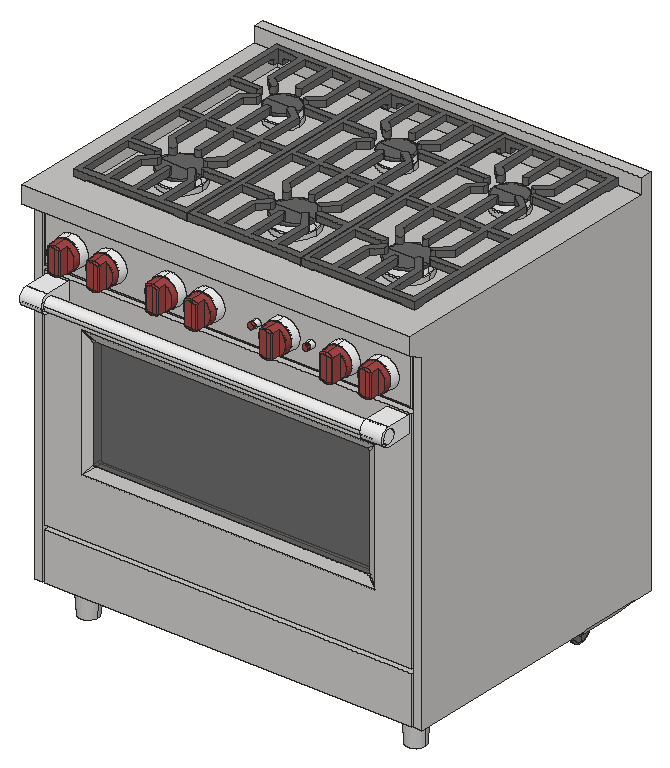
Revit family "M_Extensão-900 mm", category Equipamento especial, Revit 2019
Family settings
  Cota do conector redondo = Utilizar diâmetro
  Tipo de parte = Normal
  Número OmniClass = 23.40.40.14
  Título OmniClass = Food Service Equipment
  Com base no plano de trabalho = Não
  Sempre na vertical = Sim
  Corte com vazios quando carregada = Não
  Compartilhado = Não
  Ponto de cálculo do ambiente = Não
Parameters (values of type "Queimadores")
  Largura = 900 mm
  Deslocamento de parede = 0 mm
  Voltagem = 120 V
  Type Comments = ""
  Acabamento da moldura = Eletrodoméstico – Cromado
  Mostrar legenda = yes
  Consumo de energia = 500 VA
  Legenda = "Faixa"
  Botão = Eletrodoméstico – Plástico – Vermelho
  Altura = 950 mm
  Chapa = Eletrodoméstico – Aço inoxidável – Escovado
  Largura da grelha = (Largura - 108 mm) / 3  # 264 mm
  Profundidade da grelha = Linear - 109.438 mm  # 590.562 mm
  Vidro = Eletrodoméstico – Vidro do forno
  Descrição = "Faixa"
  Linear = 700 mm
  Grelha central = M_Superfície do fogão : M_Queimadores
  Queimadores centrais = yes
  Queimador = Eletrodoméstico – Tampa do queimador
  Código de montagem = "E1090320"
  Acabamento do eletrodoméstico = Eletrodoméstico – Aço inoxidável – Semipolido
  Amperagem = Consumo de energia / Voltagem  # 4.16667 A
Types (3, lengths in mm): name | Profundidade da grelha | Linear | Grelha central | Queimadores centrais
  Queimadores | 590.562 | 700 | M_Superfície do fogão : M_Queimadores | yes
  Chapa | 590.55 | 699.988 | M_Superfície do fogão : M_Chapa | no
  Grelhador | 590.562 | 700 | M_Superfície do fogão : M_Grelhador | no
Reference planes
  plane 1 "Parte posterior": y = 0
  plane 2: z = 0
  plane 3 "Centro (Esquerda/Direita)": x = 0
  plane 4 "Esquerda": x = -450
  plane 5 "Direita": x = 450
  plane 6: y = 0
  plane 7 "Aresta": y = -700
  plane 8 "Traseira da porta": y = -616
  plane 9 "Superior": z = 950
  plane 10 "Unidade B.O.": z = 80
  plane 11 "Queimador": z = 915
  plane 12: z = 200
  plane 13 "Puxador": z = 706.994
  plane 14 "Botões": z = 794.725
  plane 15 "Face da porta": y = -664
  plane 16: y = -634
  plane 17: z = 58
  plane 18: z = 28
  plane 19 "Rodas": y = -120
  plane 20: z = 25.4
  plane 21: x = 394.438
  plane 22 "3": x = -397.612
  plane 23: x = 236.028
  plane 24: x = -239.202
  plane 25: x = -450
  plane 26: x = -80.792
  plane 27: x = 77.618
  plane 28: x = -361.1
  plane 29: x = -271.1
  plane 30: x = 361.1
  plane 31: x = 271.1
  plane 32: x = 146.334
  plane 33: z = 883.06
  plane 34: x = -450
  plane 35: x = 0
  plane 36: y = -954
  plane 37: x = 10.16
  plane 38: x = 30.48
  plane 39: x = 283.369
  plane 40 "1": x = -133.596
  plane 41: x = 102.413
  plane 42 "2": x = 130.421
  plane 43: x = -481.75
  plane 44: x = 193.675
  plane 45: x = -43.902
  plane 46: x = 40.727
  plane 47: x = 66.921
  plane 48: x = 193.921
Forms (mm)
  Extrusion 1, void
    sketch origin (0, 0, 950) x (-1, 0, 0) y (0, -1, 0)
      loop
        line (397.612, 25.4) -> (397.612, 616) -> (-394.438, 616) -> (-394.438, 25.4) -> (397.612, 25.4)
    from 0 to -66.94
  Extrusion 2, solid, material "Eletrodoméstico – Aço inoxidável – Semipolido" <- "Acabamento do eletrodoméstico"
    sketch origin (0, 0, 0) x (0, 1, 0) y (0, 0, 1)
      loop
        line (-25.4, 950) -> (-25.4, 915) -> (-700, 915) -> (-700, 875) -> (-664, 855) -> (-664, 80) -> (0, 80) -> (0, 950) -> (-25.4, 950)
    from -450 to 450
  Extrusion 3, void
    sketch origin (0, -664, 0) x (0, 0, 1) y (-1, 0, 0)
      loop
        line (855, 430) -> (80, 430) -> (80, -430) -> (855, -430) -> (855, 430)
    from -48 to 0
  Extrusion 4, solid, material "Eletrodoméstico – Aço inoxidável – Semipolido" <- "Acabamento do eletrodoméstico"
    sketch origin (0, 0, 0) x (0, 1, 0) y (0, 0, 1)
      loop
        line (-634, 190) -> (-664, 190) -> (-664, 80) -> (-634, 80) -> (-634, 190)
      loop
        line (-616, 855) -> (-664, 855) -> (-664, 741) -> (-616, 741) -> (-616, 855)
      loop
        line (-634, 731) -> (-664, 731) -> (-664, 200) -> (-634, 200) -> (-634, 731)
    from -426.783 to 426.783
  Extrusion 5, void
    sketch origin (0, -664, 0) x (0, 0, 1) y (-1, 0, 0)
      loop
        arc (615.994, 315.856) -> (614.599, 319.224) -> (611.231, 320.619) r 4.763
        line (611.231, 320.619) -> (359.762, 320.619)
        arc (359.762, 320.619) -> (356.395, 319.224) -> (355, 315.856) r 4.763
        line (355, 315.856) -> (355, -315.738)
        arc (355, -315.738) -> (356.395, -319.105) -> (359.762, -320.5) r 4.763
        line (359.762, -320.5) -> (611.231, -320.5)
        arc (611.231, -320.5) -> (614.599, -319.105) -> (615.994, -315.738) r 4.763
        line (615.994, -315.738) -> (615.994, 315.856)
    from -48 to -10
  Blend 6, void
    base sketch origin (0, -664, 0) x (0, 0, 1) y (-1, 0, 0)
      loop
        line (635.994, 340.463) -> (335, 340.463) -> (335, -340.5) -> (635.994, -340.5) -> (635.994, 340.463)
    top sketch origin (0, -664, 0) x (0, 0, 1) y (-1, 0, 0)
      loop
        line (615.994, -315.738) -> (615.994, 315.856)
        arc (615.994, 315.856) -> (614.599, 319.224) -> (611.231, 320.619) r 4.763
        line (611.231, 320.619) -> (359.762, 320.619)
        arc (359.762, 320.619) -> (356.395, 319.224) -> (355, 315.856) r 4.763
        line (355, 315.856) -> (355, -315.738)
        arc (355, -315.738) -> (356.395, -319.105) -> (359.762, -320.5) r 4.763
        line (359.762, -320.5) -> (611.231, -320.5)
        arc (611.231, -320.5) -> (614.599, -319.105) -> (615.994, -315.738) r 4.763
    from 0 to -10
  Extrusion 7, solid, material "Eletrodoméstico – Vidro do forno" <- "Vidro"
    sketch origin (0, -664, 0) x (0, 0, 1) y (-1, 0, 0)
      loop
        line (615.994, -315.738) -> (615.994, 315.856)
        arc (615.994, 315.856) -> (614.599, 319.224) -> (611.231, 320.619) r 4.763
        line (611.231, 320.619) -> (359.762, 320.619)
        arc (359.762, 320.619) -> (356.395, 319.224) -> (355, 315.856) r 4.763
        line (355, 315.856) -> (355, -315.738)
        arc (355, -315.738) -> (356.395, -319.105) -> (359.762, -320.5) r 4.763
        line (359.762, -320.5) -> (611.231, -320.5)
        arc (611.231, -320.5) -> (614.599, -319.105) -> (615.994, -315.738) r 4.763
    from -10 to -22.721
  Blend 8, solid, material "Eletrodoméstico – Aço inoxidável – Semipolido" <- "Acabamento do eletrodoméstico"
    base sketch origin (0, 0, 80) x (-1, 0, 0) y (0, -1, 0)
      loop
        line (450, 50) -> (450, 190) -> (309.988, 190) -> (309.988, 50) -> (450, 50)
    top sketch origin (0, 0, 80) x (-1, 0, 0) y (0, -1, 0)
      loop
        line (429.988, 70) -> (429.988, 170) -> (329.988, 170) -> (329.988, 70) -> (429.988, 70)
    from 0 to -22
  Blend 9, solid, material "Eletrodoméstico – Aço inoxidável – Semipolido" <- "Acabamento do eletrodoméstico"
    base sketch origin (0, 0, 80) x (1, 0, 0) y (0, 1, 0)
      loop
        line (450, -50) -> (309.988, -50) -> (309.988, -190) -> (450, -190) -> (450, -50)
    top sketch origin (0, 0, 80) x (1, 0, 0) y (0, 1, 0)
      loop
        line (429.988, -70) -> (329.988, -70) -> (329.988, -170) -> (429.988, -170) -> (429.988, -70)
    from 0 to -22
  Blend 10, solid, material "Eletrodoméstico – Aço inoxidável – Semipolido" <- "Acabamento do eletrodoméstico"
    base sketch origin (0, 0, 80) x (-1, 0, 0) y (0, -1, 0)
      loop
        circle (-379.988, 594) r 25
    top sketch origin (0, 0, 80) x (-1, 0, 0) y (0, -1, 0)
      loop
        circle (-380.488, 594) r 21.928
    from 0 to -80
  Blend 11, solid, material "Eletrodoméstico – Aço inoxidável – Semipolido" <- "Acabamento do eletrodoméstico"
    base sketch origin (0, 0, 80) x (1, 0, 0) y (0, 1, 0)
      loop
        circle (-379.988, -594) r 28.175
    top sketch origin (0, 0, 80) x (1, 0, 0) y (0, 1, 0)
      loop
        circle (-380.488, -594) r 21.928
    from 0 to -80
  Extrusion 12, solid, material "Eletrodoméstico – Aço inoxidável – Semipolido" <- "Acabamento do eletrodoméstico"
    sketch origin (0, 0, 0) x (1, 0, 0) y (0, 0, 1)
      loop
        line (-409.988, 58) -> (-389.988, 28) -> (-386.576, 28) -> (-386.576, 58) -> (-409.988, 58)
      loop
        line (-369.988, 28) -> (-349.988, 58) -> (-373.401, 58) -> (-373.401, 28) -> (-369.988, 28)
      loop
        line (409.988, 58) -> (386.576, 58) -> (386.576, 28) -> (389.988, 28) -> (409.988, 58)
      loop
        line (369.988, 28) -> (373.401, 28) -> (373.401, 58) -> (349.988, 58) -> (369.988, 28)
    from 90 to 150
  Revolve 13, solid, material "Eletrodoméstico – Borracha"
    sketch origin (0, -120, 0) x (0, 0, 1) y (-1, 0, 0)
      loop
        line (25.4, 378.163) -> (30.279, 378.163) -> (30.279, 381.338) -> (33.911, 381.338) -> (33.911, 380.545)
        arc (33.911, 380.545) -> (34.608, 378.861) -> (36.292, 378.163) r 2.381
        line (36.292, 378.163) -> (48.419, 378.163)
        arc (48.419, 378.163) -> (50.103, 378.861) -> (50.8, 380.545) r 2.381
        line (50.8, 380.545) -> (50.8, 385.782)
        arc (50.8, 385.782) -> (50.103, 387.466) -> (48.419, 388.163) r 2.381
        line (48.419, 388.163) -> (36.292, 388.163)
        arc (36.292, 388.163) -> (34.608, 387.466) -> (33.911, 385.782) r 2.381
        line (33.911, 385.782) -> (33.911, 384.988) -> (30.279, 384.988) -> (30.279, 388.163) -> (25.4, 388.163) -> (25.4, 378.163)
      loop
        line (25.4, -374.988) -> (25.4, -384.988) -> (30.279, -384.988) -> (30.279, -381.813) -> (33.911, -381.813) -> (33.911, -382.607)
        arc (33.911, -382.607) -> (34.608, -384.291) -> (36.292, -384.988) r 2.381
        line (36.292, -384.988) -> (48.419, -384.988)
        arc (48.419, -384.988) -> (50.103, -384.291) -> (50.8, -382.607) r 2.381
        line (50.8, -382.607) -> (50.8, -377.37)
        arc (50.8, -377.37) -> (50.103, -375.686) -> (48.419, -374.988) r 2.381
        line (48.419, -374.988) -> (36.292, -374.988)
        arc (36.292, -374.988) -> (34.608, -375.686) -> (33.911, -377.37) r 2.381
        line (33.911, -377.37) -> (33.911, -378.163) -> (30.279, -378.163) -> (30.279, -374.988) -> (25.4, -374.988)
      axis (25.4, 388.163) -> (25.4, -384.988)
    angle from 0 to 360
  Sweep 14, void
    path in 3D
      loop
        line (-426.783, -664, 855) -> (-426.783, -664, 741) -> (426.783, -664, 741) -> (426.783, -664, 855) -> (-426.783, -664, 855)
    profile "M_Redondo : 3mm" origin (0, -664, 855) x (0, -1, 0) y (0, 0, 1)
      loop
        line (0, 0) -> (-3, 0)
        arc (-3, 0) -> (-0.879, -0.879) -> (0, -3) r 3
        line (0, -3) -> (0, 0)
Cuts and joins
  Extrusion 1, Extrusion 3, Sweep 14 cuts Extrusion 2
  Extrusion 5, Blend 6, Sweep 14 cuts Extrusion 4
Lines and regions (mm)
  Split face 1
    outline origin (450, 0, 80) x (-1, 0, 0) y (0, 0, 1)
      loop
        circle (144.729, 120) r 12.7
  Split face 2
    outline origin (450, 0, 80) x (-1, 0, 0) y (0, 0, 1)
      loop
        circle (233.045, 120) r 12.7
  sketch lines
    curve 1: line (426.783, -664, 855) -> (-426.783, -664, 855)
    curve 2: line (426.783, -664, 855) -> (426.783, -664, 741)
    curve 3: line (426.783, -664, 741) -> (-426.783, -664, 741)
    curve 4: line (-426.783, -664, 741) -> (-426.783, -664, 855)
Dimensions and locks
  equal spacing: plane 4 "Esquerda", plane 3 "Centro (Esquerda/Direita)", plane 5 "Direita"
  "Largura": plane 4 "Esquerda" to plane 5 "Direita"
  "Linear": plane 6 to plane 7 "Aresta"
  "Deslocamento de parede": plane 1 "Parte posterior" to plane 6
  "Altura": plane 9 "Superior" to level
  locked: plane 10 "Unidade B.O." to level at 80
  locked: plane 8 "Traseira da porta" to plane 7 "Aresta" at 84
  locked: plane 9 "Superior" to plane 11 "Queimador" at 35
  plane 13 "Puxador" to level = 706.994 mm
  locked: plane 11 "Queimador" to plane 14 "Botões" at 120.275
  locked: plane 6 to Extrusion 2 sketch curve at 25.4
  plane 6 to Extrusion 1 sketch curve = 25.4 mm
  locked: Extrusion 3 sketch curve to plane 14 "Botões" at 60.275
  locked: plane 12 to plane 10 "Unidade B.O." at 120
  locked: plane 12 to Extrusion 4 sketch curve at 10
  locked: plane 16 to plane 15 "Face da porta" at 30
  locked: Extrusion 5 sketch curve to plane 25 at 129.381
  locked: plane 5 "Direita" to Extrusion 5 sketch curve at 129.5
  locked: Extrusion 5 sketch curve to plane 12 at 155
  locked: plane 13 "Puxador" to Extrusion 5 sketch curve at 91
  locked: cut or joined group of Extrusion 4, Extrusion 5, Blend 6, Sweep 14 to plane 15 "Face da porta" at 10
  locked: plane 5 "Direita" to Blend 6 sketch curve at 109.5
  locked: plane 13 "Puxador" to Blend 6 sketch curve at 71
  locked: Blend 6 sketch curve to plane 12 at 135
  locked: cut or joined group of Extrusion 4, Extrusion 5, Blend 6, Sweep 14 to plane 4 "Esquerda" at 23.217
  locked: plane 5 "Direita" to cut or joined group of Extrusion 4, Extrusion 5, Blend 6, Sweep 14 at 23.217
  locked: plane 7 "Aresta" to plane 15 "Face da porta" at 36
  locked: plane 4 "Esquerda" to Blend 8 sketch curve at 140.012
  plane 6 to Blend 8 sketch curve to Blend 8 sketch curve = 50 mm locked, 140 mm locked
  plane 4 "Esquerda" to Blend 8 sketch curve to Blend 8 sketch curve = 20.012 mm locked, 100 mm locked
  plane 6 to Blend 8 sketch curve to Blend 8 sketch curve = 70 mm locked, 100 mm locked
  locked: plane 10 "Unidade B.O." to Blend 8 at 22
  plane 5 "Direita" to Blend 9 sketch curve to Blend 9 sketch curve = 20.012 mm locked, 100 mm locked
  plane 6 to Blend 9 sketch curve to Blend 9 sketch curve = 70 mm locked, 100 mm locked
  locked: Blend 9 sketch curve to plane 5 "Direita" at 140.012
  plane 6 to Blend 9 sketch curve to Blend 9 sketch curve = 50 mm locked, 140 mm locked
  locked: plane 10 "Unidade B.O." to Blend 9 at 22
  locked: plane 4 "Esquerda" to Blend 11 sketch curve at 69.512
  locked: plane 15 "Face da porta" to Blend 11 sketch curve at 70  (x2)
  locked: plane 4 "Esquerda" to Blend 11 sketch curve at 70.012
  locked: Blend 10 sketch curve to plane 5 "Direita" at 69.512
  locked: plane 15 "Face da porta" to Blend 10 sketch curve at 70  (x2)
  locked: Blend 10 sketch curve to plane 5 "Direita" at 70.012
  plane 10 "Unidade B.O." to plane 17 to plane 18 = 22 mm locked, 30 mm locked
  Extrusion 12 sketch curve to Extrusion 12 sketch curve to Extrusion 12 sketch curve to Extrusion 12 sketch curve to Extrusion 12 sketch curve to Extrusion 12 sketch curve to plane 4 "Esquerda" = 20 mm locked, 3.413 mm locked, 13.175 mm locked, 3.412 mm locked, 20 mm locked, 40.012 mm locked
  plane 5 "Direita" to Extrusion 12 sketch curve to Extrusion 12 sketch curve to Extrusion 12 sketch curve to Extrusion 12 sketch curve to Extrusion 12 sketch curve to Extrusion 12 sketch curve = 40.012 mm locked, 20 mm locked, 3.412 mm locked, 13.175 mm locked, 3.413 mm locked, 20 mm locked
  plane 6 to Extrusion 12 to Extrusion 12 = 90 mm locked, 60 mm locked
  plane 6 to plane 19 "Rodas" = 120 mm
  locked: plane 20 to level at 25.4
  locked: plane 21 to plane 5 "Direita" at 55.562
  plane 4 "Esquerda" to plane 22 "3" = 52.388 mm
  "Largura": plane 5 "Direita" to plane 25
  Blend 6 sketch curve to plane 25 = 129.381 mm
  plane 5 "Direita" to Blend 6 sketch curve = 129.5 mm
  Blend 6 sketch curve to plane 25 = 109.537 mm
  locked: Extrusion 7 sketch curve to plane 25 at 129.381
  equal spacing: plane 22 "3", plane 24, plane 26, plane 27, plane 23, plane 21
  plane 29 to plane 28 to plane 4 "Esquerda" = 90 mm locked, 88.9 mm locked
  plane 5 "Direita" to plane 30 to plane 31 = 88.9 mm locked, 90 mm locked
  locked: plane 23 to plane 32 at 89.694
  locked: plane 9 "Superior" to plane 33 at 66.94
  Extrusion 4 sketch curve to plane 14 "Botões" to Extrusion 4 sketch curve = 53.725 mm locked, 60.275 mm locked
  locked: plane 13 "Puxador" to Extrusion 4 sketch curve at 24.006
  locked: plane 14 "Botões" to plane 13 "Puxador" at 87.731
  equal spacing: plane 4 "Esquerda", plane 34, plane 25
  equal spacing: plane 25, plane 35, plane 5 "Direita"
  locked: plane 7 "Aresta" to plane 36 at 254
  plane 22 "3" to plane 40 "1" to plane 41 to plane 21 = 264.017 mm, 236.008 mm, 292.025 mm  (x2)
  plane 28 to plane 29 = 90 mm
  locked: plane 25 to plane 43 at 31.75
  plane 39 to plane 44 = 89.694 mm
  locked: plane 45 to plane 40 "1" at 89.694
  locked: plane 42 "2" to plane 46 at 89.694
  equal spacing: plane 22 "3", plane 40 "1", plane 42 "2", plane 21
  locked: plane 34 to plane 22 "3" at 52.388
  locked: plane 42 "2" to plane 47 at 63.5
  locked: plane 48 to plane 42 "2" at 63.5
  aligned and locked: plane 2 to level
  aligned and locked: plane 9 "Superior" to Extrusion 2 sketch curve
  aligned and locked: plane 5 "Direita" to Extrusion 2
  aligned and locked: Extrusion 2 to plane 4 "Esquerda"
  aligned and locked: Extrusion 2 sketch curve to plane 10 "Unidade B.O."
  aligned and locked: Extrusion 2 sketch curve to plane 15 "Face da porta"
  aligned and locked: plane 7 "Aresta" to Extrusion 2 sketch curve
  aligned and locked: plane 11 "Queimador" to Extrusion 2 sketch curve
  aligned and locked: Extrusion 2 sketch curve to plane 6
  aligned and locked: Extrusion 3 sketch curve to plane 10 "Unidade B.O."
  aligned and locked: plane 8 "Traseira da porta" to Extrusion 3
  aligned and locked: plane 15 "Face da porta" to Extrusion 3
  aligned and locked: Extrusion 4 sketch curve to plane 15 "Face da porta"  (x3)
  aligned and locked: plane 10 "Unidade B.O." to Extrusion 4 sketch curve
  aligned and locked: Extrusion 4 sketch curve to plane 8 "Traseira da porta"
  aligned and locked: plane 12 to Extrusion 4 sketch curve
  aligned and locked: Extrusion 4 sketch curve to plane 16  (x2)
  aligned and locked: plane 15 "Face da porta" to nested 2
  aligned and locked: plane 8 "Traseira da porta" to Extrusion 5
  aligned and locked: plane 4 "Esquerda" to Blend 8 sketch curve
  aligned and locked: plane 5 "Direita" to Blend 9 sketch curve
  aligned and locked: Blend 10 to level
  aligned and locked: plane 10 "Unidade B.O." to Blend 10
  aligned and locked: plane 10 "Unidade B.O." to Blend 9
  aligned and locked: plane 10 "Unidade B.O." to Blend 8
  aligned and locked: plane 17 to Extrusion 12 sketch curve  (x2)
  aligned and locked: Extrusion 12 sketch curve to plane 18  (x2)
  aligned and locked: Extrusion 12 sketch curve to plane 17  (x2)
  aligned and locked: plane 18 to Extrusion 12 sketch curve  (x2)
  aligned and locked: plane 20 to Revolve 13 sketch curve  (x2)
  aligned and locked: Revolve 13 sketch curve to plane 20
  aligned and locked: plane 15 "Face da porta" to nested 3
  aligned and locked: plane 15 "Face da porta" to nested 4
  aligned and locked: plane 15 "Face da porta" to nested 5
  aligned and locked: plane 15 "Face da porta" to nested 6
  aligned and locked: nested 3 to plane 14 "Botões"
  aligned and locked: nested 4 to plane 14 "Botões"
  aligned and locked: nested 5 to plane 14 "Botões"
  aligned and locked: nested 6 to plane 14 "Botões"
  aligned and locked: plane 15 "Face da porta" to nested 7
  aligned and locked: nested 7 to plane 14 "Botões"
  aligned and locked: plane 22 "3" to Extrusion 1 sketch curve
  aligned and locked: Extrusion 1 sketch curve to plane 21
  aligned and locked: nested 8 to plane 8 "Traseira da porta"
  aligned and locked: nested 9 to plane 14 "Botões"
  aligned and locked: nested 10 to plane 14 "Botões"
  aligned and locked: plane 15 "Face da porta" to nested 10
  aligned and locked: plane 15 "Face da porta" to nested 9
  aligned and locked: plane 28 to nested 7
  aligned and locked: plane 29 to nested 6
  aligned and locked: plane 30 to nested 9
  aligned and locked: plane 31 to nested 4
  aligned and locked: plane 33 to nested 8
  aligned and locked: nested 2 to plane 13 "Puxador"
  aligned and locked: nested 1 to plane 36
  aligned and locked: nested 11 to plane 14 "Botões"
  aligned and locked: nested 12 to plane 14 "Botões"
  aligned and locked: plane 15 "Face da porta" to nested 11
  aligned and locked: plane 15 "Face da porta" to nested 12
  aligned and locked: nested 8 to plane 22 "3"
  aligned and locked: plane 40 "1" to nested 13
  aligned and locked: plane 42 "2" to nested 14
  aligned and locked: plane 40 "1" to nested 3
  aligned and locked: plane 45 to nested 10
  aligned and locked: plane 42 "2" to nested 5
  aligned and locked: plane 8 "Traseira da porta" to nested 13
  aligned and locked: plane 8 "Traseira da porta" to nested 14
  aligned and locked: plane 33 to nested 13
  aligned and locked: plane 33 to nested 14
  aligned and locked: plane 3 "Centro (Esquerda/Direita)" to nested 2
  aligned and locked: plane 47 to nested 11
  aligned and locked: plane 48 to nested 12
  aligned and locked: plane 3 "Centro (Esquerda/Direita)" to nested 1
Automatic sketch dimensions
  Extrusion 1 sketch curve to plane 8 "Traseira da porta" = 0 mm
  Extrusion 2 sketch curve to plane 11 "Queimador" = 60 mm
  Extrusion 2 sketch curve to Extrusion 2 sketch curve = 40 mm
  Extrusion 3 sketch curve to plane 5 "Direita" = 20 mm
  plane 4 "Esquerda" to Extrusion 3 sketch curve = 20 mm
  Extrusion 5 sketch curve to Extrusion 5 sketch curve = 4.763 mm  (x4)
  plane 12 to Blend 6 sketch curve = 155 mm
  Blend 6 sketch curve to Blend 6 sketch curve = 4.763 mm
  Blend 6 sketch curve to Blend 6 sketch curve = 4.762 mm  (x2)
  plane 13 "Puxador" to Blend 6 sketch curve = 95.763 mm  (x2)
  Blend 6 sketch curve to plane 21 = 78.7 mm
  plane 12 to Extrusion 7 sketch curve = 155 mm
  Extrusion 7 sketch curve to Extrusion 7 sketch curve = 4.763 mm  (x2)
  plane 13 "Puxador" to Extrusion 7 sketch curve = 95.763 mm  (x2)
  Extrusion 7 sketch curve to Extrusion 7 sketch curve = 4.762 mm
  Extrusion 7 sketch curve to plane 21 = 78.7 mm
  plane 21 to Blend 10 sketch curve = 10.551 mm
  plane 22 "3" to Blend 11 sketch curve = 10.551 mm
  Revolve 13 sketch curve to Revolve 13 sketch curve = 4.879 mm  (x3)
  plane 20 to Revolve 13 sketch curve = 4.879 mm
  Revolve 13 sketch curve to Revolve 13 sketch curve = 3.632 mm  (x4)
  Revolve 13 sketch curve to Revolve 13 sketch curve = 2.381 mm  (x6)
  Revolve 13 sketch curve to Revolve 13 sketch curve = 12.127 mm  (x2)
  Revolve 13 sketch curve to Revolve 13 sketch curve = 0 mm  (x4)
  Revolve 13 sketch curve to plane 21 = 9.449 mm
  Revolve 13 sketch curve to Revolve 13 sketch curve = 3.175 mm  (x4)
  Revolve 13 sketch curve to Revolve 13 sketch curve = 3.65 mm  (x2)
  Revolve 13 sketch curve to Revolve 13 sketch curve = 5.238 mm
  plane 22 "3" to Revolve 13 sketch curve = 19.449 mm
  Revolve 13 sketch curve to Revolve 13 sketch curve = 0.794 mm
  Revolve 13 sketch curve to Revolve 13 sketch curve = 40.592 mm
  Revolve 13 sketch curve to plane 22 "3" = 15.153 mm
  Split face 1 sketch curve to cut or joined group of Extrusion 1, Extrusion 2, Extrusion 3, Sweep 14 = 144.729 mm
  Split face 1 sketch curve to cut or joined group of Extrusion 1, Extrusion 2, Extrusion 3, Sweep 14 = 120 mm
  Split face 2 sketch curve to cut or joined group of Extrusion 1, Extrusion 2, Extrusion 3, Sweep 14 = 233.045 mm
  Split face 2 sketch curve to cut or joined group of Extrusion 1, Extrusion 2, Extrusion 3, Sweep 14 = 120 mm
  radius of Blend 10 sketch curve = 21.928 mm
  radius of Blend 11 sketch curve = 21.928 mm
  radius of Split face 1 sketch curve = 12.7 mm
  radius of Split face 2 sketch curve = 12.7 mm
Nested families
  nested 1: "Anotação de legenda de 2,5" at (0, -954, 0), visible <- "Mostrar legenda", type "Anotação de legenda de 2,5"
  nested 2: "M_Puxador" at (0, -664, 706.994), Largura da unidade <- "Largura", Concluir <- "Acabamento da moldura", type "M_Puxador", detail levels medium+fine
    with Largura da unidade 900 mm, Concluir Eletrodoméstico – Cromado
  nested 3: "M_Botão 1" at (-133.596, -664, 794.725), type "M_Botão 1", detail levels medium+fine
  nested 4: "M_Botão 1" at (271.1, -664, 794.725), type "M_Botão 1", detail levels medium+fine
  nested 5: "M_Botão 1" at (130.421, -664, 794.725), type "M_Botão 1", detail levels medium+fine
  nested 6: "M_Botão 1" at (-271.1, -664, 794.725), type "M_Botão 1", detail levels medium+fine
  nested 7: "M_Botão 1" at (-361.1, -664, 794.725), type "M_Botão 1", detail levels medium+fine
  nested 8: "M_Superfície do fogão" at (-265.444, -320.719, 883.06), type "M_Queimadores"
    with Largura da grelha 264 mm, Profundidade da grelha 590.562 mm
  nested 9: "M_Botão 1" at (361.1, -664, 794.725), type "M_Botão 1", detail levels medium+fine
  nested 10: "M_Botão 1" at (-43.902, -664, 794.725), visible <- "Queimadores centrais", type "M_Botão 1", detail levels medium+fine
  nested 11: "M_Botão 2" at (66.921, -664, 794.725), type "M_Botão 2", detail levels medium+fine
  nested 12: "M_Botão 2" at (193.921, -664, 794.725), type "M_Botão 2", detail levels medium+fine
  nested 13: "M_Superfície do fogão" at (-1.427, -320.719, 883.06), type <- "Grelha central", type "M_Queimadores"
    with Largura da grelha 264 mm, Profundidade da grelha 590.562 mm
  nested 14: "M_Superfície do fogão" at (262.59, -320.719, 883.06), type "M_Queimadores"
    with Largura da grelha 264 mm, Profundidade da grelha 590.562 mm
Connectors
  electrical at (305.271, 0, 200), driven by "Voltagem", driven by "Consumo de energia"
    settings: on cut or joined group of Extrusion 1, Extrusion 2, Extrusion 3, Sweep 14, index 1, voltage 120 V, apparent load 500 VA, apparent load phase1 0 VA, apparent load phase2 0 VA, apparent load phase3 0 VA, power factor 1, load classification "Eletrodoméstico", number of poles 1, system type 30, power factor state 1, is connector primary yes, connector utility no, sub classification motor no, connector description "Fogão elétrico"
  piping at (216.955, 0, 200), diameter 12.7
    settings: on cut or joined group of Extrusion 1, Extrusion 2, Extrusion 3, Sweep 14, index 2, connector inside diameter 609.6 mm, connector length 0 mm, flow factor 0, pipe flow 0.0 L/s, pressure drop 0.0 Pa, fitting loss kfactor 0, connector angle 0.00°, fixture units 0, engagement length 0 mm, angle of deflection 0.00°, flow configuration 1, flow direction 1, fitting loss method 0, system type 22, joint type 0, gender type 0, connector reference index -1, connector utility 0, adjustable connector no, is connector primary yes, connector description "Fogão a gás"
Definition of nested family "M_Puxador"
  Parameters (values of type "Puxador")
    Largura da unidade [instance] = 900 mm
    Projeção do puxador = 60 mm
    Deslocamento do puxador B = 30 mm
    Deslocamento do puxador A = 30 mm
    Concluir [instance] = none
  Reference planes
    plane 1 "Centro (Frente/Trás)": y = 0
    plane 2: z = 0
    plane 3 "Centro (Esquerda/Direita)": x = 0
    plane 4 "Superfície A": x = -450
    plane 5 "Superfície B": x = 450
    plane 6 "Puxador A": x = -420
    plane 7 "Puxador B": x = 420
    plane 8: y = -60
    plane 9: x = -369.994
    plane 10: x = 369.994
    plane 11: y = -44.125
  Forms (mm)
    Extrusion 1, solid, material <- "Concluir", detail levels medium+fine
      sketch origin (-420, 0, 0) x (0, 0, 1) y (0, -1, 0)
        loop
          line (20, 0) -> (20, 60)
          arc (20, 60) -> (0, 80) -> (-20, 60) r 20
          line (-20, 60) -> (-20, 0) -> (20, 0)
        loop
          circle (0, 60) r 15.024
      from 0 to 50.006
    Extrusion 2, solid, material <- "Concluir", detail levels medium+fine
      sketch origin (420, 0, 0) x (0, 0, 1) y (0, -1, 0)
        loop
          line (-20, 0) -> (20, 0) -> (20, 60)
          arc (20, 60) -> (0, 80) -> (-20, 60) r 20
          line (-20, 60) -> (-20, 0)
        loop
          circle (0, 60) r 15.024
      from 0 to -50.006
    Extrusion 3, solid, material <- "Concluir", detail levels medium+fine
      sketch origin (0, 0, 0) x (0, 1, 0) y (0, 0, 1)
        loop
          circle (-60, 0) r 15.024
      from -420 to 420
  Cuts and joins
    joined: Extrusion 1, Extrusion 2
  Dimensions and locks
    "Largura da unidade": plane 5 "Superfície B" to plane 4 "Superfície A"
    equal spacing: plane 5 "Superfície B", plane 3 "Centro (Esquerda/Direita)", plane 4 "Superfície A"
    "Deslocamento do puxador A": plane 6 "Puxador A" to plane 4 "Superfície A"
    "Deslocamento do puxador B": plane 5 "Superfície B" to plane 7 "Puxador B"
    "Projeção do puxador": plane 1 "Centro (Frente/Trás)" to plane 8
    plane 6 "Puxador A" to plane 9 = 50.006 mm
    plane 10 to plane 7 "Puxador B" = 50.006 mm
    plane 8 to plane 11 = 15.875 mm
    aligned and locked: level to plane 2
    aligned and locked: Extrusion 1 sketch curve to plane 1 "Centro (Frente/Trás)"
    aligned and locked: Extrusion 2 sketch curve to plane 1 "Centro (Frente/Trás)"
    aligned and locked: cut or joined group of Extrusion 1, Extrusion 2 to plane 1 "Centro (Frente/Trás)"
    aligned and locked: plane 8 to Extrusion 2 sketch curve
    aligned and locked: plane 8 to Extrusion 1 sketch curve
    aligned and locked: level to Extrusion 3 sketch curve
    aligned and locked: plane 8 to Extrusion 3 sketch curve
    aligned and locked: plane 7 "Puxador B" to Extrusion 3
    aligned and locked: Extrusion 3 to plane 6 "Puxador A"
    aligned and locked: Extrusion 2 sketch curve to Extrusion 3  (x2)
    aligned and locked: Extrusion 1 sketch curve to Extrusion 3  (x2)
    aligned and locked: plane 9 to cut or joined group of Extrusion 1, Extrusion 2
    aligned and locked: cut or joined group of Extrusion 1, Extrusion 2 to plane 10
  Automatic sketch dimensions
    Extrusion 1 sketch curve to level = 20 mm
    level to Extrusion 1 sketch curve = 0 mm
    Extrusion 2 sketch curve to Extrusion 2 sketch curve = 20 mm
    Extrusion 2 sketch curve to level = 20 mm
    radius of Extrusion 3 sketch curve = 15.024 mm
Definition of nested family "M_Botão 1"
  Parameters (values of type "Botão 1")
    Material = none
    Material da moldura = none
  Reference planes
    plane 1 "Centro (Frente/Trás)": y = 0
    plane 2: z = 0
    plane 3 "Centro (Esquerda/Direita)": x = 0
    plane 4: y = -35
    plane 5: y = -55
  Forms (mm)
    Revolve 1, solid, material <- "Material"
      sketch origin (0, 0, 0) x (0, 1, 0) y (0, 0, 1)
        loop
          line (0, 35) -> (-20, 33) -> (-20, 32) -> (-52.687, 31.066)
          arc (-52.687, 31.066) -> (-54.326, 30.345) -> (-55, 28.686) r 2.381
          line (-55, 28.686) -> (-55, 0) -> (0, 0) -> (0, 35)
        axis (0, 0) -> (-55, 0)
      angle from 0 to 360
    Extrusion 2, void
      sketch origin (0, 0, 0) x (1, 0, 0) y (0, 1, 0)
        loop
          line (31.571, -35) -> (15, -35) -> (15, -52.619)
          arc (15, -52.619) -> (14.303, -54.303) -> (12.619, -55) r 2.381
          line (12.619, -55) -> (31.571, -55) -> (31.571, -35)
        loop
          line (-31.571, -35) -> (-31.571, -55) -> (-12.619, -55)
          arc (-12.619, -55) -> (-14.303, -54.303) -> (-15, -52.619) r 2.381
          line (-15, -52.619) -> (-15, -35) -> (-31.571, -35)
      from -34.753 to 36.709
  Cuts and joins
    Extrusion 2 cuts Revolve 1
  Dimensions and locks
    plane 5 to plane 4 to plane 1 "Centro (Frente/Trás)" = 20 mm locked, 35 mm locked
    aligned and locked: plane 2 to level
    aligned and locked: Revolve 1 sketch curve to level
    aligned and locked: plane 4 to Extrusion 2 sketch curve
    aligned and locked: Extrusion 2 sketch curve to plane 5
Definition of nested family "M_Superfície do fogão"
  Parameters (values of type "Queimadores")
    Mostrar grelha = yes
    Mostrar base = no
    Tem grelhador = no
    Tem chapa = no
    Extensão direita da chapa = 3 mm
    Extensão esquerda da chapa = 3 mm
    Chapa = none
    Largura da grelha = 270 mm
    Espessura da grelha = 12.5 mm
    Profundidade da grelha = 590 mm
    Grelha = none
    Queimador = none
    Tem queimadores = yes
    Mostrar queimadores = yes
  Types (3, lengths in mm): name | Mostrar grelha | Mostrar base | Tem grelhador | Tem chapa | Extensão direita da chapa | Extensão esquerda da chapa | Espessura da grelha | Tem queimadores | Mostrar queimadores
    Queimadores | yes | no | no | no | 3 | 3 | 12.5 | yes | yes
    Grelhador | no | yes | yes | no | 30 | 20 | 12.5 | no | no
    Chapa | no | no | no | yes | 3 | 3 | 14.484 | no | no
  Reference planes
    plane 1 "Centro (Frente/Trás)": y = 0
    plane 2 "Inferior": z = 0
    plane 3 "Centro (Esquerda/Direita)": x = -0.169
    plane 4 "Queimador T.O.": z = 34.091
    plane 5 "Queimador posterior": y = 147.5
    plane 6 "Queimador frontal": y = -147.5
    plane 7: z = 61.94
    plane 8 "Grelha B.O.": z = 0
    plane 9 "Painel T.O.": z = 19.5
    plane 10 "Parte posterior": y = 295
    plane 11 "Parte frontal": y = -295
    plane 12 "Esquerda": x = -135.169
    plane 13 "Direita": x = 134.831
    plane 14 "Parte inferior da superfície": z = 47.709
    plane 15: x = -70.844
    plane 16: x = 57.806
    plane 17: x = 122.131
    plane 18: x = -122.469
    plane 19: y = 280.712
    plane 20: y = 153.85
    plane 21: y = 6.35
    plane 22: y = -6.35
    plane 23: y = -280.712
    plane 24: x = -58.144
    plane 25: x = 70.506
    plane 26: x = -6.916
    plane 27: x = 6.181
    plane 28: y = 141.15
    plane 29: y = -141.15
    plane 30: y = -153.85
    plane 31: x = -132.169
    plane 32: x = 131.831
  Forms (mm)
    Extrusion 1, void
      sketch origin (433.841, 349.972, -848.839) x (1, 0, 0) y (0, 0, 1)
        loop
          arc (-324.41, 876.58) -> (-326.27, 881.07) -> (-330.76, 882.93) r 6.35
          line (-330.76, 882.93) -> (-537.26, 882.93)
          arc (-537.26, 882.93) -> (-541.75, 881.07) -> (-543.61, 876.58) r 6.35
          line (-543.61, 876.58) -> (-543.61, 868.339) -> (-324.41, 868.339) -> (-324.41, 876.58)
      from 54.697 to 694.851
    Extrusion 2, void
      sketch origin (433.841, 349.972, -848.839) x (0, 1, 0) y (0, 0, 1)
        loop
          arc (-80.372, 876.58) -> (-82.232, 881.07) -> (-86.722, 882.93) r 6.35
          line (-86.722, 882.93) -> (-613.222, 882.93)
          arc (-613.222, 882.93) -> (-617.712, 881.07) -> (-619.572, 876.58) r 6.35
          line (-619.572, 876.58) -> (-619.572, 868.339) -> (-80.372, 868.339) -> (-80.372, 876.58)
      from -569.01 to -299.01
    Revolve 3, solid, material <- "Queimador", visible <- "Mostrar queimadores"
      sketch origin (1.587, 147.5, -848.839) x (1, 0, 0) y (0, 0, 1)
        loop
          line (-1.756, 848.839) -> (-1.756, 882.247) -> (-39.029, 882.247)
          arc (-39.029, 882.247) -> (-40.942, 880.334) -> (-39.029, 878.422) r 1.913
          line (-39.029, 878.422) -> (-36.225, 878.422) -> (-38.898, 862.695) -> (-40.825, 860.127) -> (-40.825, 848.839) -> (-1.756, 848.839)
        axis (-1.756, 882.247) -> (-1.756, 848.839)
      angle from 0 to 360
    Revolve 4, solid, material <- "Queimador", visible <- "Mostrar queimadores"
      sketch origin (0, -147.5, -848.839) x (1, 0, 0) y (0, 0, 1)
        loop
          line (-0.169, 848.839) -> (-0.169, 882.247) -> (-48.158, 882.247)
          arc (-48.158, 882.247) -> (-50.07, 880.334) -> (-48.158, 878.422) r 1.913
          line (-48.158, 878.422) -> (-45.353, 878.422) -> (-48.026, 862.695) -> (-49.953, 860.127) -> (-49.953, 848.839) -> (-0.169, 848.839)
        axis (-0.169, 882.247) -> (-0.169, 848.839)
      angle from 0 to 360
    Extrusion 5, solid, material <- "Grelha", visible <- "Mostrar base", detail levels medium+fine
      sketch origin (0, 0, 19.5) x (-1, 0, 0) y (0, -1, 0)
        loop
          line (135.169, -295) -> (135.169, 295) -> (-134.831, 295) -> (-134.831, -295) -> (135.169, -295)
        loop
          line (114.335, -274.166) -> (114.335, 274.166) -> (-114.194, 274.166) -> (-114.194, -274.166) -> (114.335, -274.166)
      from 0 to 28.209
    Extrusion 6, solid, material <- "Grelha", visible <- "Tem grelhador"
      sketch origin (0, 0, 0) x (1, 0, 0) y (0, 0, 1)
        loop
          line (-135.169, 47.709) -> (-124.329, 47.709) -> (-124.329, 57.45) -> (-128.819, 61.94) -> (-135.169, 61.94) -> (-135.169, 47.709)
        loop
          line (3.816, 47.709) -> (3.816, 61.94) -> (-4.154, 61.94) -> (-4.154, 47.709) -> (3.816, 47.709)
        loop
          line (-12.123, 47.709) -> (-12.123, 61.94) -> (-20.092, 61.94) -> (-20.092, 47.709) -> (-12.123, 47.709)
        loop
          line (-28.061, 47.709) -> (-28.061, 61.94) -> (-36.03, 61.94) -> (-36.03, 47.709) -> (-28.061, 47.709)
        loop
          line (-43.999, 47.709) -> (-43.999, 61.94) -> (-51.969, 61.94) -> (-51.969, 47.709) -> (-43.999, 47.709)
        loop
          line (-59.938, 47.709) -> (-59.938, 61.94) -> (-67.907, 61.94) -> (-67.907, 47.709) -> (-59.938, 47.709)
        loop
          line (-75.876, 47.709) -> (-75.876, 61.94) -> (-83.845, 61.94) -> (-83.845, 47.709) -> (-75.876, 47.709)
        loop
          line (-91.815, 47.709) -> (-91.815, 61.94) -> (-99.784, 61.94) -> (-99.784, 47.709) -> (-91.815, 47.709)
        loop
          line (-107.753, 47.709) -> (-107.753, 61.94) -> (-115.722, 61.94) -> (-115.722, 47.709) -> (-107.753, 47.709)
        loop
          line (134.831, 47.709) -> (134.831, 61.94) -> (128.481, 61.94) -> (123.991, 57.45) -> (123.991, 47.709) -> (134.831, 47.709)
        loop
          line (11.785, 47.709) -> (19.754, 47.709) -> (19.754, 61.94) -> (11.785, 61.94) -> (11.785, 47.709)
        loop
          line (27.723, 47.709) -> (35.692, 47.709) -> (35.692, 61.94) -> (27.723, 61.94) -> (27.723, 47.709)
        loop
          line (43.662, 47.709) -> (51.631, 47.709) -> (51.631, 61.94) -> (43.662, 61.94) -> (43.662, 47.709)
        loop
          line (59.6, 47.709) -> (67.569, 47.709) -> (67.569, 61.94) -> (59.6, 61.94) -> (59.6, 47.709)
        loop
          line (75.538, 47.709) -> (83.507, 47.709) -> (83.507, 61.94) -> (75.538, 61.94) -> (75.538, 47.709)
        loop
          line (91.477, 47.709) -> (99.446, 47.709) -> (99.446, 61.94) -> (91.477, 61.94) -> (91.477, 47.709)
        loop
          line (107.415, 47.709) -> (115.384, 47.709) -> (115.384, 61.94) -> (107.415, 61.94) -> (107.415, 47.709)
      from -295 to 295
    Extrusion 7, solid, material <- "Chapa", visible <- "Tem chapa"
      sketch origin (0, 0, 19.5) x (-1, 0, 0) y (0, -1, 0)
        loop
          line (135.169, -295) -> (135.169, 295) -> (-134.831, 295) -> (-134.831, -295) -> (135.169, -295)
      from 0 to 42.44
    Extrusion 8, void
      sketch origin (-0.169, 0, 0) x (0, 1, 0) y (0, 0, 1)
        loop
          line (291.825, 61.94) -> (-291.825, 61.94) -> (-291.825, 34.091) -> (-247.375, 34.091) -> (-247.375, 47.709) -> (291.825, 47.709) -> (291.825, 61.94)
      from -132 to 132
    Extrusion 9, solid, material <- "Grelha", visible <- "Mostrar grelha", detail levels fine
      sketch origin (0, 0, 19.5) x (-1, 0, 0) y (0, -1, 0)
        loop
          line (135.169, -295) -> (135.169, 295) -> (-134.831, 295) -> (-134.831, -295) -> (135.169, -295)
        loop
          line (122.469, -280.712) -> (122.469, -153.85) -> (58.144, -153.85)
          arc (58.144, -153.85) -> (51.794, -147.5) -> (58.144, -141.15) r 6.35
          line (58.144, -141.15) -> (122.469, -141.15) -> (122.469, -6.35) -> (70.844, -6.35) -> (70.844, -106.029) -> (48.666, -127.936)
          arc (48.666, -127.936) -> (38.563, -127.936) -> (38.563, -117.833) r 7.144
          line (38.563, -117.833) -> (58.144, -100.11) -> (58.144, -6.35) -> (6.916, -6.35) -> (6.916, -100.995)
          arc (6.916, -100.995) -> (0.367, -107.544) -> (-6.181, -100.995) r 6.548
          line (-6.181, -100.995) -> (-6.181, -6.35) -> (-57.806, -6.35) -> (-57.806, -100.11) -> (-35.05, -117.833)
          arc (-35.05, -117.833) -> (-35.05, -127.936) -> (-45.153, -127.936) r 7.144
          line (-45.153, -127.936) -> (-70.506, -106.029) -> (-70.506, -6.35) -> (-122.327, -6.35) -> (-122.327, -141.15) -> (-57.806, -141.15)
          arc (-57.806, -141.15) -> (-51.456, -147.5) -> (-57.806, -153.85) r 6.35
          line (-57.806, -153.85) -> (-122.327, -153.85) -> (-122.327, -280.712) -> (-70.506, -280.712) -> (-70.506, -188.971) -> (-45.153, -167.064)
          arc (-45.153, -167.064) -> (-35.05, -167.064) -> (-35.05, -177.167) r 7.144
          line (-35.05, -177.167) -> (-57.806, -194.89) -> (-57.806, -280.712) -> (-6.181, -280.712) -> (-6.181, -194.005)
          arc (-6.181, -194.005) -> (0.367, -187.456) -> (6.916, -194.005) r 6.548
          line (6.916, -194.005) -> (6.916, -280.712) -> (58.144, -280.712) -> (58.144, -194.89) -> (38.563, -177.167)
          arc (38.563, -177.167) -> (38.563, -167.064) -> (48.666, -167.064) r 7.144
          line (48.666, -167.064) -> (70.844, -188.971) -> (70.844, -280.712) -> (122.469, -280.712)
        loop
          line (122.469, 280.909) -> (70.844, 280.909) -> (70.844, 187.698) -> (48.666, 160.757)
          arc (48.666, 160.757) -> (38.563, 160.757) -> (38.563, 170.86) r 7.144
          line (38.563, 170.86) -> (58.144, 193.616) -> (58.144, 280.909) -> (6.916, 280.909) -> (6.916, 187.698)
          arc (6.916, 187.698) -> (0.367, 181.149) -> (-6.181, 187.698) r 6.548
          line (-6.181, 187.698) -> (-6.181, 280.909) -> (-57.806, 280.909) -> (-57.806, 199.652) -> (-35.05, 170.86)
          arc (-35.05, 170.86) -> (-35.05, 160.757) -> (-45.153, 160.757) r 7.144
          line (-45.153, 160.757) -> (-70.506, 193.734) -> (-70.506, 280.909) -> (-122.327, 280.909) -> (-122.327, 153.85) -> (-57.806, 153.85)
          arc (-57.806, 153.85) -> (-51.456, 147.5) -> (-57.806, 141.15) r 6.35
          line (-57.806, 141.15) -> (-122.327, 141.15) -> (-122.327, 6.35) -> (-70.506, 6.35) -> (-70.506, 97.576) -> (-45.153, 124.516)
          arc (-45.153, 124.516) -> (-35.05, 124.516) -> (-35.05, 114.414) r 7.144
          line (-35.05, 114.414) -> (-57.806, 91.658) -> (-57.806, 6.35) -> (-6.181, 6.35) -> (-6.181, 96.829)
          arc (-6.181, 96.829) -> (0.367, 103.378) -> (6.916, 96.829) r 6.548
          line (6.916, 96.829) -> (6.916, 6.35) -> (58.144, 6.35) -> (58.144, 91.658) -> (38.563, 114.414)
          arc (38.563, 114.414) -> (38.563, 124.516) -> (48.666, 124.516) r 7.144
          line (48.666, 124.516) -> (70.844, 97.576) -> (70.844, 6.35) -> (122.469, 6.35) -> (122.469, 141.15) -> (58.144, 141.15)
          arc (58.144, 141.15) -> (51.794, 147.5) -> (58.144, 153.85) r 6.35
          line (58.144, 153.85) -> (122.469, 153.85) -> (122.469, 280.909)
      from 0 to 28.209
  Cuts and joins
    Extrusion 1, Extrusion 2, Extrusion 8 cuts Extrusion 5
    Extrusion 8 cuts Extrusion 7
    Extrusion 1, Extrusion 2 cuts Extrusion 9
  Dimensions and locks
    equal spacing: plane 10 "Parte posterior", plane 5 "Queimador posterior", plane 1 "Centro (Frente/Trás)", plane 6 "Queimador frontal", plane 11 "Parte frontal"
    "Profundidade da grelha": plane 10 "Parte posterior" to plane 11 "Parte frontal"
    equal spacing: plane 12 "Esquerda", plane 3 "Centro (Esquerda/Direita)", plane 13 "Direita"
    "Largura da grelha": plane 12 "Esquerda" to plane 13 "Direita"
    locked: plane 7 to plane 14 "Parte inferior da superfície" at 14.231
    locked: Extrusion 5 sketch curve to plane 11 "Parte frontal" at 20.834
    locked: plane 10 "Parte posterior" to Extrusion 5 sketch curve at 20.834
    locked: Extrusion 5 sketch curve to plane 13 "Direita" at 20.637
    locked: plane 12 "Esquerda" to Extrusion 5 sketch curve at 20.834
    locked: plane 12 "Esquerda" to Extrusion 6 sketch curve at 19.447
    locked: Extrusion 6 sketch curve to plane 13 "Direita" at 19.447
    equal spacing: Extrusion 6 sketch curve, Extrusion 6 sketch curve, Extrusion 6 sketch curve, Extrusion 6 sketch curve, Extrusion 6 sketch curve, Extrusion 6 sketch curve, Extrusion 6 sketch curve, Extrusion 6 sketch curve, Extrusion 6 sketch curve, Extrusion 6 sketch curve, Extrusion 6 sketch curve, Extrusion 6 sketch curve, Extrusion 6 sketch curve, Extrusion 6 sketch curve, Extrusion 6 sketch curve, Extrusion 6 sketch curve, Extrusion 6 sketch curve, Extrusion 6 sketch curve, Extrusion 6 sketch curve, Extrusion 6 sketch curve, Extrusion 6 sketch curve, Extrusion 6 sketch curve, Extrusion 6 sketch curve, Extrusion 6 sketch curve, Extrusion 6 sketch curve, Extrusion 6 sketch curve, Extrusion 6 sketch curve, Extrusion 6 sketch curve, Extrusion 6 sketch curve, Extrusion 6 sketch curve
    locked: plane 10 "Parte posterior" to Extrusion 8 sketch curve at 3.175
    locked: Extrusion 8 sketch curve to plane 11 "Parte frontal" at 3.175
    plane 12 "Esquerda" to cut or joined group of Extrusion 7, Extrusion 8 = 3 mm
    cut or joined group of Extrusion 7, Extrusion 8 to plane 13 "Direita" = 3 mm
    locked: plane 15 to plane 24 at 12.7
    locked: plane 16 to plane 25 at 12.7
    plane 26 to plane 27 = 13.097 mm  (x2)
    plane 29 to plane 6 "Queimador frontal" to plane 30 = 6.35 mm locked, 6.35 mm locked
    plane 21 to plane 1 "Centro (Frente/Trás)" to plane 22 = 6.35 mm locked, 6.35 mm locked
    plane 20 to plane 5 "Queimador posterior" to plane 28 = 6.35 mm locked, 6.35 mm locked
    locked: plane 12 "Esquerda" to Extrusion 1 sketch curve at 25.4
    locked: Extrusion 1 sketch curve to plane 13 "Direita" at 25.4
    locked: plane 10 "Parte posterior" to Extrusion 2 sketch curve at 25.4
    locked: Extrusion 2 sketch curve to plane 11 "Parte frontal" at 25.4
    "Extensão esquerda da chapa": plane 12 "Esquerda" to plane 31
    "Extensão direita da chapa": plane 32 to plane 13 "Direita"
    locked: plane 17 to plane 13 "Direita" at 12.7
    locked: plane 12 "Esquerda" to plane 18 at 12.7
    equal spacing: plane 18, plane 24, plane 27, plane 25, plane 13 "Direita"
    locked: plane 10 "Parte posterior" to plane 19 at 14.288
    locked: plane 23 to plane 11 "Parte frontal" at 14.288
    locked: cut or joined group of Extrusion 7, Extrusion 8 to plane 11 "Parte frontal" at 47.625
    plane 12 "Esquerda" to plane 3 "Centro (Esquerda/Direita)" = 135 mm
    plane 3 "Centro (Esquerda/Direita)" to plane 13 "Direita" = 135 mm
    aligned and locked: Revolve 4 to plane 8 "Grelha B.O."
    aligned and locked: Revolve 3 to plane 8 "Grelha B.O."
    aligned and locked: Revolve 4 sketch curve to plane 3 "Centro (Esquerda/Direita)"
    aligned and locked: Revolve 3 sketch curve to plane 3 "Centro (Esquerda/Direita)"
    aligned and locked: plane 9 "Painel T.O." to Extrusion 2 sketch curve
    aligned and locked: Extrusion 1 sketch curve to plane 9 "Painel T.O."
    aligned and locked: Extrusion 5 sketch curve to plane 10 "Parte posterior"
    aligned and locked: plane 13 "Direita" to Extrusion 5 sketch curve
    aligned and locked: plane 11 "Parte frontal" to Extrusion 5 sketch curve
    aligned and locked: Extrusion 5 sketch curve to plane 12 "Esquerda"
    aligned and locked: Extrusion 5 to plane 9 "Painel T.O."
    aligned and locked: cut or joined group of Extrusion 1, Extrusion 2, Extrusion 5, Extrusion 8 to plane 13 "Direita"
    aligned and locked: plane 12 "Esquerda" to cut or joined group of Extrusion 1, Extrusion 2, Extrusion 5, Extrusion 8
    aligned and locked: Extrusion 1 sketch curve to plane 4 "Queimador T.O."
    aligned and locked: plane 4 "Queimador T.O." to Extrusion 2 sketch curve
    aligned and locked: Extrusion 6 sketch curve to plane 7  (x9)
    aligned and locked: plane 7 to Extrusion 6 sketch curve  (x8)
    aligned and locked: Extrusion 6 sketch curve to plane 14 "Parte inferior da superfície"  (x8)
    aligned and locked: plane 14 "Parte inferior da superfície" to Extrusion 6 sketch curve  (x9)
    aligned and locked: Extrusion 6 sketch curve to plane 12 "Esquerda"
    aligned and locked: Extrusion 6 sketch curve to plane 13 "Direita"
    aligned and locked: plane 10 "Parte posterior" to Extrusion 6
    aligned and locked: Extrusion 7 sketch curve to plane 10 "Parte posterior"
    aligned and locked: Extrusion 7 sketch curve to plane 12 "Esquerda"
    aligned and locked: plane 13 "Direita" to Extrusion 7 sketch curve
    aligned and locked: plane 11 "Parte frontal" to Extrusion 7 sketch curve
    aligned and locked: plane 7 to Extrusion 7
    aligned and locked: Extrusion 8 sketch curve to plane 14 "Parte inferior da superfície"
    aligned and locked: plane 7 to Extrusion 8 sketch curve
    aligned and locked: Extrusion 8 sketch curve to plane 4 "Queimador T.O."
    aligned and locked: cut or joined group of Extrusion 7, Extrusion 8 to plane 9 "Painel T.O."
    aligned and locked: plane 18 to Extrusion 9 sketch curve  (x2)
    aligned and locked: Extrusion 9 sketch curve to plane 19  (x4)
    aligned and locked: plane 13 "Direita" to Extrusion 9 sketch curve
    aligned and locked: Extrusion 9 sketch curve to plane 20
    aligned and locked: plane 20 to Extrusion 9 sketch curve
    aligned and locked: Extrusion 9 sketch curve to plane 28
    aligned and locked: plane 28 to Extrusion 9 sketch curve
    aligned and locked: Extrusion 9 sketch curve to plane 29
    aligned and locked: plane 30 to Extrusion 9 sketch curve
    aligned and locked: plane 29 to Extrusion 9 sketch curve
    aligned and locked: Extrusion 9 sketch curve to plane 30
    aligned and locked: Extrusion 9 to plane 9 "Painel T.O."
    aligned and locked: plane 14 "Parte inferior da superfície" to Extrusion 9
    aligned and locked: plane 32 to Extrusion 8
    aligned and locked: Extrusion 8 to plane 31
    aligned and locked: Extrusion 6 to plane 11 "Parte frontal"
  Automatic sketch dimensions
    Extrusion 2 sketch curve to Extrusion 2 sketch curve = 6.35 mm  (x2)
    Revolve 3 sketch curve to plane 2 "Inferior" = 0 mm
    Revolve 3 sketch curve to plane 3 "Centro (Esquerda/Direita)" = 0 mm
    Revolve 3 sketch curve to plane 4 "Queimador T.O." = 4.508 mm
    Revolve 3 sketch curve to plane 3 "Centro (Esquerda/Direita)" = 34.468 mm
    Revolve 3 sketch curve to plane 9 "Painel T.O." = 5.645 mm
    Revolve 3 sketch curve to Revolve 3 sketch curve = 2.673 mm
    Revolve 3 sketch curve to Revolve 3 sketch curve = 2.804 mm
    Revolve 3 sketch curve to plane 9 "Painel T.O." = 8.213 mm
    Revolve 3 sketch curve to Revolve 3 sketch curve = 1.927 mm
    Revolve 3 sketch curve to Revolve 3 sketch curve = 1.913 mm
    Revolve 3 sketch curve to Revolve 3 sketch curve = 5420.839 mm
    plane 7 to Revolve 3 sketch curve = 3642.171 mm
    Revolve 4 sketch curve to plane 2 "Inferior" = 0 mm
    Revolve 4 sketch curve to plane 3 "Centro (Esquerda/Direita)" = 0 mm
    Revolve 4 sketch curve to plane 4 "Queimador T.O." = 4.508 mm
    Revolve 4 sketch curve to plane 3 "Centro (Esquerda/Direita)" = 45.184 mm
    Revolve 4 sketch curve to plane 9 "Painel T.O." = 5.645 mm
    Revolve 4 sketch curve to Revolve 4 sketch curve = 2.673 mm
    Revolve 4 sketch curve to Revolve 4 sketch curve = 2.804 mm
    Revolve 4 sketch curve to plane 9 "Painel T.O." = 8.213 mm
    Revolve 4 sketch curve to Revolve 4 sketch curve = 1.927 mm
    Revolve 4 sketch curve to Revolve 4 sketch curve = 1.913 mm
    Revolve 4 sketch curve to Revolve 4 sketch curve = 5420.839 mm
    plane 7 to Revolve 4 sketch curve = 3642.171 mm
    Extrusion 6 sketch curve to plane 12 "Esquerda" = 6.35 mm
    Extrusion 6 sketch curve to Extrusion 6 sketch curve = 8.607 mm  (x2)
    Extrusion 6 sketch curve to plane 7 = 4.49 mm  (x2)
    Extrusion 6 sketch curve to Extrusion 6 sketch curve = 6.35 mm
    Extrusion 8 sketch curve to Extrusion 8 sketch curve = 44.45 mm
    Extrusion 9 sketch curve to plane 21 = 0 mm  (x4)
    Extrusion 9 sketch curve to plane 22 = 0 mm  (x4)
    Extrusion 9 sketch curve to plane 25 = 0 mm  (x4)
    Extrusion 9 sketch curve to plane 16 = 0 mm  (x6)
    Extrusion 9 sketch curve to plane 27 = 0 mm  (x4)
    Extrusion 9 sketch curve to plane 26 = 0 mm  (x4)
    Extrusion 9 sketch curve to plane 24 = 0 mm  (x6)
    Extrusion 9 sketch curve to plane 15 = 0 mm  (x4)
    Extrusion 9 sketch curve to plane 18 = 0 mm  (x2)
    Extrusion 9 sketch curve to plane 10 "Parte posterior" = 0 mm
    Extrusion 9 sketch curve to plane 12 "Esquerda" = 0 mm
    Extrusion 9 sketch curve to plane 11 "Parte frontal" = 0 mm
    plane 17 to Extrusion 9 sketch curve = 0.196 mm  (x4)
    Extrusion 9 sketch curve to plane 16 = 12.653 mm  (x4)
    Extrusion 9 sketch curve to Extrusion 9 sketch curve = 5.051 mm  (x24)
    Extrusion 9 sketch curve to plane 24 = 19.581 mm  (x4)
    Extrusion 9 sketch curve to Extrusion 9 sketch curve = 41.04 mm  (x2)
    plane 20 to Extrusion 9 sketch curve = 40.155 mm
    Extrusion 9 sketch curve to Extrusion 9 sketch curve = 5.918 mm  (x8)
    plane 20 to Extrusion 9 sketch curve = 23.317 mm  (x2)
    Extrusion 9 sketch curve to plane 28 = 13.214 mm  (x2)
    Extrusion 9 sketch curve to Extrusion 9 sketch curve = 21.908 mm  (x2)
    Extrusion 9 sketch curve to Extrusion 9 sketch curve = 16.838 mm
    Extrusion 9 sketch curve to Extrusion 9 sketch curve = 49.492 mm  (x2)
    plane 29 to Extrusion 9 sketch curve = 44.321 mm
    plane 29 to Extrusion 9 sketch curve = 26.736 mm  (x2)
    Extrusion 9 sketch curve to plane 30 = 6.907 mm  (x2)
    Extrusion 9 sketch curve to plane 30 = 33.848 mm  (x2)
    Extrusion 9 sketch curve to plane 30 = 39.884 mm
    Extrusion 9 sketch curve to plane 23 = 0.196 mm  (x4)
    Extrusion 1 sketch curve to plane 4 "Queimador T.O." = 6.35 mm
    Extrusion 1 sketch curve to Extrusion 1 sketch curve = 6.35 mm
Definition of nested family "M_Botão 2"
  Parameters (values of type "Botão 2")
    Botão = none
    Recortar = none
  Reference planes
    plane 1 "Centro (Frente/Trás)": y = 0
    plane 2: z = 0
    plane 3 "Centro (Esquerda/Direita)": x = 0
  Forms (mm)
    Revolve 1, solid, material <- "Recortar"
      sketch origin (0, 0, 0) x (0, 1, 0) y (0, 0, 1)
        loop
          line (0, 8.012) -> (-12.856, 6.727) -> (-12.856, 0) -> (0, 0) -> (0, 8.012)
        axis (0, 0) -> (-12.856, 0)
      angle from 0 to 360
    Extrusion 2, solid, material <- "Botão"
      sketch origin (0, 0, 0) x (1, 0, 0) y (0, 0, 1)
        loop
          circle (0, 0) r 6.727
      from 12.856 to 18.212
  Dimensions and locks
    radius of Extrusion 2 sketch curve = 6.727 mm
    aligned and locked: plane 2 to level
    aligned and locked: level to Revolve 1 sketch curve
    aligned and locked: Revolve 1 sketch curve to level
    aligned and locked: Extrusion 2 to Revolve 1
Definition of nested family "Anotação de legenda de 2,5"
  Parameters
    Legenda = "Congelador 36 LH"
  Reference planes
    plane 1: y = 0
    plane 2: x = 0
  Text (mm)
    label "Legenda" at (0.095, -0.088, 0), shows "Legenda"
